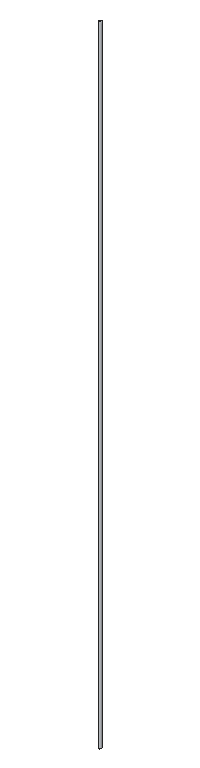
Revit family
Parameters (values of type "40 w")
  Width = 380 mm
  Weight = "1,3-2,8 kg"
  Wattage Comments = "40 w (eller 55, 100 w)"
  Wattage = 21.5427 W
  built-in parameter 1150110 = 1 (stored number, unit not read)
  Voltage = 230
  URL = "www.focus-lighting.dk"
  Type Comments = ""
  built-in parameter 1114217 = 1 (stored number, unit not read)
  built-in parameter 1150109 = 1 (stored number, unit not read)
  built-in parameter 1150134 = (empty or 0)
  built-in parameter 1150113 = 1 (stored number, unit not read)
  Screen Material = "Opaliseret polycarbonat, selvslukkende "
  Model = "H+M Pendant ø380mm"
  Manufacturer = "Focus-Lighting"
  Lumens = 3200 lm
  built-in parameter 1150115 = 1 (stored number, unit not read)
  built-in parameter 1150105 = 1018.6 (stored number, unit not read)
  Light Source Symbol Size = 10 mm
  built-in parameter 1150137 = (empty or 0)
  built-in parameter 1150139 = (empty or 0)
  built-in parameter 1150112 = 1 (stored number, unit not read)
  built-in parameter 1150114 = 1 (stored number, unit not read)
  Lamp Holder = "2GX13, E27"
  Lamp = "Lystofrør (eller glødelampe)"
  built-in parameter 1150132 = 2
  built-in parameter 1150102 = (empty or 0)
  built-in parameter 1150138 = (empty or 0)
  built-in parameter 1150107 = 2700 (stored number, unit not read)
  built-in parameter 1150106 = 10.186 (stored number, unit not read)
  Height = 210 mm
  Exterior Use = no
  Emit from Circle Diameter = 340 mm
  Emit Shape Visible in Rendering = no
  built-in parameter 1150104 = 13.8 (stored number, unit not read)
  Distance from ceiling [instance] = 2000 mm
  Dimming Lamp Color Temperature Shift = (empty or 0)
  Color Filter = 16777215
  Color = "Hvid, sort, grafitgrå "
  Coating = "Lakeret"
  Casing Material = "Aluminium"
  built-in parameter 1114218 = 1 (stored number, unit not read)
  built-in parameter 1150133 = 10 (stored number, unit not read)
Reference planes
  plane 1 "Light Source Axis (F/B)": y = 0
  plane 2: z = 0
  plane 3 "Light Source Axis (L/R)": x = 0
  plane 4 "Ceiling": z = 4000
  plane 5 "Light Source Elevation": z = 2023.428
  plane 6 "Lamp lower side": z = 2000
  plane 7 "Lamp top": z = 2213.982
Forms (mm)
  Extrusion 1, solid
    sketch origin (0, 0, 4000) x (0, 1, 0) y (-1, 0, 0)
      loop
        circle (0, 0) r 3.5
    from 0 to -1786.018
Lines and regions (mm)
  sketch lines
    curve 1: line (-2000, 2000, 0) -> (2000, 2000, 0)
    curve 2: line (-2000, 2000, 0) -> (-2000, -2000, 0)
    curve 3: line (-2000, -2000, 0) -> (2000, -2000, 0)
    curve 4: line (2000, 2000, 0) -> (2000, -2000, 0)
Dimensions and locks
  equal spacing: curve 2, plane 3 "Light Source Axis (L/R)", curve 4
  equal spacing: curve 3, plane 1 "Light Source Axis (F/B)", curve 1
  curve 2 to curve 4 = 4000 mm
  curve 3 to curve 1 = 4000 mm
  locked: plane 4 "Ceiling" to host ceiling at 0
  "Distance from ceiling": plane 6 "Lamp lower side" to plane 4 "Ceiling"
  locked: plane 6 "Lamp lower side" to plane 7 "Lamp top" at 213.982
  locked: plane 6 "Lamp lower side" to plane 5 "Light Source Elevation" at 23.428
  aligned and locked: plane 3 "Light Source Axis (L/R)" to imposter light
  aligned and locked: plane 1 "Light Source Axis (F/B)" to imposter light
  aligned and locked: plane 5 "Light Source Elevation" to imposter light
  aligned and locked: Extrusion 1 to plane 4 "Ceiling"
  aligned and locked: Extrusion 1 to plane 7 "Lamp top"
  aligned and locked: import instance to plane 6 "Lamp lower side"
Automatic sketch dimensions
  Extrusion 1 sketch curve to plane 1 "Light Source Axis (F/B)" = 0 mm
  Extrusion 1 sketch curve to plane 3 "Light Source Axis (L/R)" = 0 mm
  radius of Extrusion 1 sketch curve = 3.5 mm
